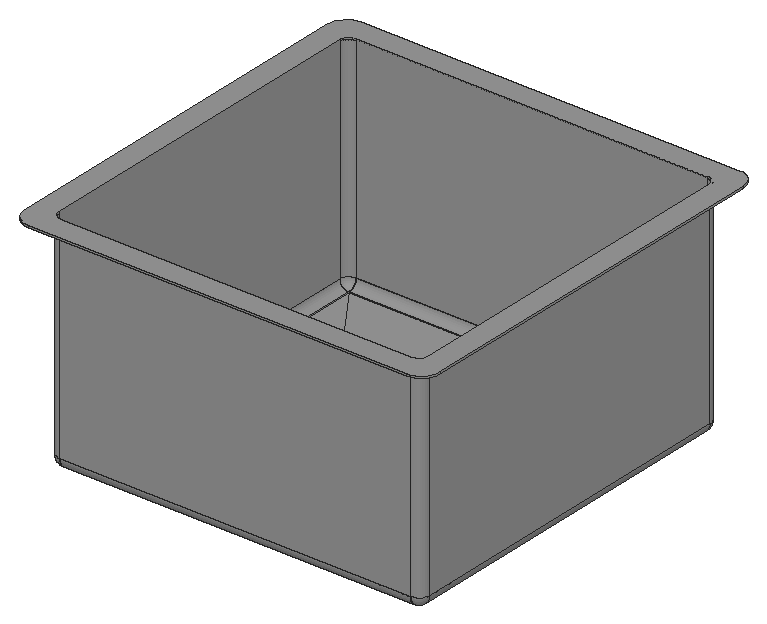
Revit family "BUILDMAT-SNA01002-Nala 450-Stainless-Steel", category Plumbing Fixtures, host Face, Revit 2020
Family settings
  Host = Face
  Round Connector Dimension = Use Diameter
  Part Type = Normal
  Cut with Voids When Loaded = No
  Shared = No
  Room Calculation Point = No
Parameters (values of type "Nala 450x450x250mm")
  Width = 400.0 mm
  Undermount [instance] = 0.0 mm
  URL = "https://www.buildmat.com.au/products/nala-450x450-single-bowl-sink"
  Side Sound Pad = no
  Side Brackets = yes
  Model = "SNA01002"  # constant formula
  Middle Sound Pad = yes
  Middle Bracket = no
  Manufacturer URL = "https://www.buildmat.com.au/"
  Manufacturer = "BUILDMAT"  # constant formula
  Length = 400.0 mm
  Description = "BUILDMAT - Nala 450x450 Single Bowl Sink"  # constant formula
  Depth = 250.0 mm
  Default Elevation = 1219.2 mm
  Created By URL = "https://www.buildmat.com.au/"
  Created By = "BUILDMAT"  # constant formula
  Created = "22.06.2022"  # constant formula
  Material = BUILDMAT Stainless Steel
Reference planes
  plane 1 "Center (Front/Back)": y = 0
  plane 2: z = 0
  plane 3 "Center (Left/Right)": x = 0
  plane 4 "Top Substrate": z = 0
  plane 5 "Left": x = -200
  plane 6 "Right": x = 200
  plane 7 "Back": y = 200
  plane 8 "Front": y = -200
  plane 9: x = -225
  plane 10: x = 225
  plane 11: y = -225
  plane 12: y = 225
  plane 13 "Bottom Void": z = -250
  plane 14: z = 1.5
  plane 15: x = -201.5
  plane 16: y = -201.5
  plane 17: x = 201.5
  plane 18: y = 201.5
  plane 19: z = -240
  plane 20: z = -230
  plane 21: x = -190
  plane 22: x = 190
  plane 23: y = -190
  plane 24: y = 190
  plane 25: z = -245
  plane 26: z = -241.5
  plane 27: z = -246.5
  plane 28: x = -100
  plane 29: x = 100
  plane 30 "Sound Pad": z = -130
  plane 31 "Front Bracket": y = -100
  plane 32 "Back Bracket": y = 100
  plane 33: x = -100
  plane 34: x = 100
  plane 35: x = -57
  plane 36: x = 57
  plane 37: x = -45
  plane 38: x = 45
Forms (mm)
  Extrusion 1, void
    sketch origin (0, 0, 0) x (1, 0, 0) y (0, 1, 0)
      loop
        arc (-190, 200) -> (-197.071, 197.071) -> (-200, 190) r 10
        line (-200, 190) -> (-200, -190)
        arc (-200, -190) -> (-197.071, -197.071) -> (-190, -200) r 10
        line (-190, -200) -> (190, -200)
        arc (190, -200) -> (197.071, -197.071) -> (200, -190) r 10
        line (200, -190) -> (200, 190)
        arc (200, 190) -> (197.071, 197.071) -> (190, 200) r 10
        line (190, 200) -> (-190, 200)
    from 0 to 1.5
  Extrusion 2, void
    sketch origin (0, 0, 0) x (1, 0, 0) y (0, 1, 0)
      loop
        line (-201.5, 201.5) -> (-201.5, -201.5) -> (201.5, -201.5) -> (201.5, 201.5) -> (-201.5, 201.5)
    from 0 to -250
  Extrusion 3, void
    sketch origin (0, 0, 0) x (1, 0, 0) y (0, 1, 0)
      loop
        arc (-205, 225) -> (-219.142, 219.142) -> (-225, 205) r 20
        line (-225, 205) -> (-225, -205)
        arc (-225, -205) -> (-219.142, -219.142) -> (-205, -225) r 20
        line (-205, -225) -> (205, -225)
        arc (205, -225) -> (219.142, -219.142) -> (225, -205) r 20
        line (225, -205) -> (225, 205)
        arc (225, 205) -> (219.142, 219.142) -> (205, 225) r 20
        line (205, 225) -> (-205, 225)
    from 1.5 to 0
  Extrusion 4, solid, material "BUILDMAT Stainless Steel" <- "Material"
    sketch origin (0, 0, 0) x (-1, 0, 0) y (0, -1, 0)
      loop
        arc (205, -225) -> (219.142, -219.142) -> (225, -205) r 20
        line (225, -205) -> (225, 205)
        arc (225, 205) -> (219.142, 219.142) -> (205, 225) r 20
        line (205, 225) -> (-205, 225)
        arc (-205, 225) -> (-219.142, 219.142) -> (-225, 205) r 20
        line (-225, 205) -> (-225, -205)
        arc (-225, -205) -> (-219.142, -219.142) -> (-205, -225) r 20
        line (-205, -225) -> (205, -225)
      loop
        arc (190, -200) -> (197.071, -197.071) -> (200, -190) r 10
        line (200, -190) -> (200, 190)
        arc (200, 190) -> (197.071, 197.071) -> (190, 200) r 10
        line (190, 200) -> (-190, 200)
        arc (-190, 200) -> (-197.071, 197.071) -> (-200, 190) r 10
        line (-200, 190) -> (-200, -190)
        arc (-200, -190) -> (-197.071, -197.071) -> (-190, -200) r 10
        line (-190, -200) -> (190, -200)
    from 0 to 1.5
  Extrusion 5, solid, material "BUILDMAT Stainless Steel" <- "Material"
    sketch origin (0, 0, 0) x (-1, 0, 0) y (0, -1, 0)
      loop
        arc (190, -201.5) -> (198.132, -198.132) -> (201.5, -190) r 11.5
        line (201.5, -190) -> (201.5, 190)
        arc (201.5, 190) -> (198.132, 198.132) -> (190, 201.5) r 11.5
        line (190, 201.5) -> (-190, 201.5)
        arc (-190, 201.5) -> (-198.132, 198.132) -> (-201.5, 190) r 11.5
        line (-201.5, 190) -> (-201.5, -190)
        arc (-201.5, -190) -> (-198.132, -198.132) -> (-190, -201.5) r 11.5
        line (-190, -201.5) -> (190, -201.5)
      loop
        arc (-190, 200) -> (-197.071, 197.071) -> (-200, 190) r 10
        line (-200, 190) -> (-200, -190)
        arc (-200, -190) -> (-197.071, -197.071) -> (-190, -200) r 10
        line (-190, -200) -> (190, -200)
        arc (190, -200) -> (197.071, -197.071) -> (200, -190) r 10
        line (200, -190) -> (200, 190)
        arc (200, 190) -> (197.071, 197.071) -> (190, 200) r 10
        line (190, 200) -> (-190, 200)
    from 0 to -230
  Revolve 6, solid, material "BUILDMAT Stainless Steel" <- "Material"
    sketch origin (-175.162, 190, 1219.2) x (-1, 0, 0) y (0, 0, 1)
      loop
        line (-375.162, -1449.2) -> (-376.662, -1449.2)
        arc (-376.662, -1449.2) -> (-373.293, -1457.332) -> (-365.162, -1460.7) r 11.5
        line (-365.162, -1460.7) -> (-365.162, -1459.2)
        arc (-365.162, -1459.2) -> (-372.233, -1456.271) -> (-375.162, -1449.2) r 10
      axis (-365.162, -1460.7) -> (-365.162, -1449.2)
    angle from 0 to -90
  Revolve 7, solid, material "BUILDMAT Stainless Steel" <- "Material"
    sketch origin (-175.162, 190, 1219.2) x (-1, 0, 0) y (0, 0, 1)
      loop
        arc (24.838, -1449.2) -> (21.909, -1456.271) -> (14.838, -1459.2) r 10
        line (14.838, -1459.2) -> (14.838, -1460.7)
        arc (14.838, -1460.7) -> (22.97, -1457.332) -> (26.338, -1449.2) r 11.5
        line (26.338, -1449.2) -> (24.838, -1449.2)
      axis (14.838, -1449.2) -> (14.838, -1460.7)
    angle from 0 to -90
  Revolve 8, solid, material "BUILDMAT Stainless Steel" <- "Material"
    sketch origin (-175.162, -190, 1219.2) x (-1, 0, 0) y (0, 0, 1)
      loop
        arc (24.838, -1449.2) -> (21.909, -1456.271) -> (14.838, -1459.2) r 10
        line (14.838, -1459.2) -> (14.838, -1460.7)
        arc (14.838, -1460.7) -> (22.97, -1457.332) -> (26.338, -1449.2) r 11.5
        line (26.338, -1449.2) -> (24.838, -1449.2)
      axis (14.838, -1449.2) -> (14.838, -1460.7)
    angle from 0 to 90
  Revolve 9, solid, material "BUILDMAT Stainless Steel" <- "Material"
    sketch origin (-175.162, -190, 1219.2) x (-1, 0, 0) y (0, 0, 1)
      loop
        line (-375.162, -1449.2) -> (-376.662, -1449.2)
        arc (-376.662, -1449.2) -> (-373.293, -1457.332) -> (-365.162, -1460.7) r 11.5
        line (-365.162, -1460.7) -> (-365.162, -1459.2)
        arc (-365.162, -1459.2) -> (-372.233, -1456.271) -> (-375.162, -1449.2) r 10
      axis (-365.162, -1449.2) -> (-365.162, -1460.7)
    angle from 0 to 90
  Extrusion 10, solid, material "BUILDMAT Stainless Steel" <- "Material"
    sketch origin (0, 0, 0) x (1, 0, 0) y (0, 0, 1)
      loop
        line (-200, -230) -> (-201.5, -230)
        arc (-201.5, -230) -> (-198.132, -238.132) -> (-190, -241.5) r 11.5
        line (-190, -241.5) -> (-190, -240)
        arc (-190, -240) -> (-197.071, -237.071) -> (-200, -230) r 10
    from -190 to 190
  Extrusion 11, solid, material "BUILDMAT Stainless Steel" <- "Material"
    sketch origin (0, 0, 0) x (1, 0, 0) y (0, 0, 1)
      loop
        arc (200, -230) -> (197.071, -237.071) -> (190, -240) r 10
        line (190, -240) -> (190, -241.5)
        arc (190, -241.5) -> (198.132, -238.132) -> (201.5, -230) r 11.5
        line (201.5, -230) -> (200, -230)
    from -190 to 190
  Extrusion 12, solid, material "BUILDMAT Stainless Steel" <- "Material"
    sketch origin (0, 0, 0) x (0, 1, 0) y (0, 0, 1)
      loop
        arc (200, -230) -> (197.071, -237.071) -> (190, -240) r 10
        line (190, -240) -> (190, -241.5)
        arc (190, -241.5) -> (198.132, -238.132) -> (201.5, -230) r 11.5
        line (201.5, -230) -> (200, -230)
    from -190 to 190
  Extrusion 13, solid, material "BUILDMAT Stainless Steel" <- "Material"
    sketch origin (0, 0, 0) x (0, 1, 0) y (0, 0, 1)
      loop
        line (-200, -230) -> (-201.5, -230)
        arc (-201.5, -230) -> (-198.132, -238.132) -> (-190, -241.5) r 11.5
        line (-190, -241.5) -> (-190, -240)
        arc (-190, -240) -> (-197.071, -237.071) -> (-200, -230) r 10
    from -190 to 190
  Revolve 14, solid, material "BUILDMAT Stainless Steel" <- "Material"
    sketch origin (0, 0, 0) x (1, 0, 0) y (0, 0, 1)
      loop
        line (-45, -250) -> (-45, -248.5)
        spline (-45, -248.5) -> (-46.484, -248.459) -> (-47.939, -248.339) -> (-49.337, -248.141) -> (-50.649, -247.871) -> (-51.848, -247.537) -> (-52.908, -247.151) -> (-53.805, -246.726) -> (-54.514, -246.283) -> (-55.023, -245.856) -> (-55.329, -245.483) -> (-55.468, -245.202) -> (-55.5, -245)
        line (-55.5, -245) -> (-57, -245)
        spline (-57, -245) -> (-56.897, -245.653) -> (-56.591, -246.294) -> (-56.087, -246.913) -> (-55.392, -247.5) -> (-54.52, -248.044) -> (-53.485, -248.536) -> (-52.305, -248.967) -> (-51, -249.33) -> (-49.592, -249.619) -> (-48.106, -249.83) -> (-46.566, -249.957) -> (-45, -250)
      axis (0, -245) -> (0, -250)
    angle from 0 to 360
  Blend 15, solid, material "BUILDMAT Stainless Steel" <- "Material"
    base sketch origin (0, 0, 0) x (-1, 0, 0) y (0, -1, 0)
      loop
        circle (0, 0) r 57
    top sketch origin (0, 0, 0) x (-1, 0, 0) y (0, -1, 0)
      loop
        line (190, -190) -> (190, 190) -> (-190, 190) -> (-190, -190) -> (190, -190)
    from -246.5 to -241.5
  Blend 16, void
    base sketch origin (0, 0, 0) x (-1, 0, 0) y (0, -1, 0)
      loop
        circle (0, 0) r 57
    top sketch origin (0, 0, 0) x (-1, 0, 0) y (0, -1, 0)
      loop
        line (190, -190) -> (190, 190) -> (-190, 190) -> (-190, -190) -> (190, -190)
    from -245 to -240
  Extrusion 17, solid, material "BUILDMAT Stainless Steel" <- "Material"
    sketch origin (0, 0, 0) x (-1, 0, 0) y (0, -1, 0)
      loop
        line (190, -190) -> (190, 190) -> (-190, 190) -> (-190, -190) -> (190, -190)
    from -241.5 to -240
  Extrusion 18, void
    sketch origin (0, 0, 0) x (-1, 0, 0) y (0, -1, 0)
      loop
        circle (0, 0) r 57
    from -250 to -230
Cuts and joins
  joined: Extrusion 4, Extrusion 5
  joined: Revolve 6, Revolve 9
  joined: Revolve 7, Revolve 8
  Blend 16, Extrusion 18 cuts Blend 15
  Blend 16, Extrusion 18 cuts Extrusion 17
  joined: Blend 15, Extrusion 17
Lines and regions (mm)
  Masking region 1
    outline origin (0, 0, 0) x (1, 0, 0) y (0, 0, 1)
      loop
        line (200, 0) -> (-200, 0) -> (-200, -230)
        arc (-200, -230) -> (-197.071, -237.071) -> (-190, -240) r 10
        line (-190, -240) -> (-57, -245) -> (57, -245) -> (190, -240)
        arc (190, -240) -> (197.071, -237.071) -> (200, -230) r 10
        line (200, -230) -> (200, 0)
  Masking region 2
    outline origin (0, 0, 0) x (1, 0, 0) y (0, 0, 1)
      loop
        line (-100, -244.883) -> (-100, -250) -> (-57, -250) -> (-57, -246.5) -> (-100, -244.883)
  Masking region 3
    outline origin (0, 0, 0) x (1, 0, 0) y (0, 0, 1)
      loop
        line (57, -246.5) -> (57, -250) -> (100, -250) -> (100, -244.883) -> (57, -246.5)
Text (mm)
  text "Refer to www.buildmat.com.au for the most current product literature. \nAllow a +/- 5mm tolerance for dimensions shown in the product literature. \nPlease note product details are subject to change due to ongoing product development." at (0.056, -1035.857, 0), in view "Ref. Level"
Dimensions and locks
  "Undermount": plane 2 to plane 4 "Top Substrate"
  equal spacing: plane 5 "Left", plane 3 "Center (Left/Right)", plane 6 "Right"
  "Width": plane 5 "Left" to plane 6 "Right"
  "Length": plane 7 "Back" to plane 8 "Front"
  equal spacing: plane 7 "Back", plane 1 "Center (Front/Back)", plane 8 "Front"
  locked: plane 12 to plane 7 "Back" at 25
  locked: plane 8 "Front" to plane 11 at 25
  locked: plane 9 to plane 5 "Left" at 25
  locked: plane 6 "Right" to plane 10 at 25
  "Depth": plane 4 "Top Substrate" to plane 13 "Bottom Void"
  locked: plane 14 to plane 4 "Top Substrate" at 1.5
  locked: plane 18 to plane 7 "Back" at 1.5
  locked: plane 8 "Front" to plane 16 at 1.5
  plane 15 to plane 5 "Left" = 1.5 mm
  plane 6 "Right" to plane 17 = 1.5 mm
  plane 20 to plane 19 to plane 13 "Bottom Void" = 10.0 mm, 10.0 mm
  locked: plane 5 "Left" to plane 21 at 10
  locked: plane 22 to plane 6 "Right" at 10
  locked: plane 7 "Back" to plane 24 at 10
  locked: plane 23 to plane 8 "Front" at 10
  locked: plane 19 to plane 26 at 1.5
  locked: plane 25 to plane 13 "Bottom Void" at 5
  locked: plane 25 to plane 27 at 1.5
  plane 29 to plane 3 "Center (Left/Right)" to plane 28 = 100.0 mm locked, 100.0 mm locked
  locked: plane 30 "Sound Pad" to plane 13 "Bottom Void" at 120
  locked: plane 7 "Back" to plane 32 "Back Bracket" at 100
  locked: plane 31 "Front Bracket" to plane 8 "Front" at 100
  locked: plane 33 to plane 5 "Left" at 100
  locked: plane 6 "Right" to plane 34 at 100
  equal spacing: plane 3 "Center (Left/Right)", nested 15, plane 33
  equal spacing: plane 34, nested 16, plane 3 "Center (Left/Right)"
  plane 37 to plane 3 "Center (Left/Right)" to plane 38 = 45.0 mm locked, 45.0 mm locked
  plane 35 to plane 3 "Center (Left/Right)" to plane 36 = 57.0 mm locked, 57.0 mm locked
  aligned and locked: plane 2 to host face
  aligned and locked: level to host face
  aligned and locked: plane 8 "Front" to Extrusion 1 sketch curve
  aligned and locked: Extrusion 1 sketch curve to plane 7 "Back"
  aligned and locked: plane 5 "Left" to Extrusion 1 sketch curve
  aligned and locked: Extrusion 1 sketch curve to plane 6 "Right"
  aligned and locked: plane 2 to Extrusion 1
  aligned and locked: Extrusion 1 to plane 14
  aligned and locked: Extrusion 2 sketch curve to plane 16
  aligned and locked: Extrusion 2 sketch curve to plane 18
  aligned and locked: plane 15 to Extrusion 2 sketch curve
  aligned and locked: plane 17 to Extrusion 2 sketch curve
  aligned and locked: Extrusion 2 to plane 13 "Bottom Void"
  aligned and locked: plane 4 "Top Substrate" to Extrusion 2
  aligned and locked: plane 11 to Extrusion 3 sketch curve
  aligned and locked: plane 9 to Extrusion 3 sketch curve
  aligned and locked: Extrusion 3 sketch curve to plane 10
  aligned and locked: Extrusion 3 sketch curve to plane 12
  aligned and locked: Extrusion 3 to plane 4 "Top Substrate"
  aligned and locked: Extrusion 3 to plane 14
  aligned and locked: plane 11 to Extrusion 4 sketch curve
  aligned and locked: Extrusion 4 sketch curve to plane 12
  aligned and locked: plane 9 to Extrusion 4 sketch curve
  aligned and locked: Extrusion 4 sketch curve to plane 10
  aligned and locked: plane 5 "Left" to Extrusion 4 sketch curve
  aligned and locked: Extrusion 4 sketch curve to plane 6 "Right"
  aligned and locked: Extrusion 4 sketch curve to plane 7 "Back"
  aligned and locked: plane 8 "Front" to Extrusion 4 sketch curve
  aligned and locked: Extrusion 5 sketch curve to plane 7 "Back"
  aligned and locked: plane 5 "Left" to Extrusion 5 sketch curve
  aligned and locked: Extrusion 5 sketch curve to plane 6 "Right"
  aligned and locked: plane 8 "Front" to Extrusion 5 sketch curve
  aligned and locked: plane 15 to Extrusion 5 sketch curve
  aligned and locked: Extrusion 5 sketch curve to plane 16
  aligned and locked: plane 17 to Extrusion 5 sketch curve
  aligned and locked: Extrusion 5 sketch curve to plane 18
  aligned and locked: Extrusion 5 to plane 20
  aligned and locked: plane 4 "Top Substrate" to Extrusion 5
  aligned and locked: Extrusion 11 to plane 23
  aligned and locked: plane 24 to Extrusion 11
  aligned and locked: plane 24 to Extrusion 10
  aligned and locked: Extrusion 10 to plane 23
  aligned and locked: Extrusion 13 to plane 21
  aligned and locked: plane 22 to Extrusion 13
  aligned and locked: plane 22 to Extrusion 12
  aligned and locked: Extrusion 12 to plane 21
  aligned and locked: plane 21 to Blend 15 sketch curve
  aligned and locked: Blend 15 sketch curve to plane 22
  aligned and locked: Blend 15 sketch curve to plane 23
  aligned and locked: Blend 15 sketch curve to plane 24
  aligned and locked: plane 27 to Blend 15
  aligned and locked: Blend 15 to plane 26
  aligned and locked: Blend 16 sketch curve to plane 24
  aligned and locked: plane 21 to Blend 16 sketch curve
  aligned and locked: Blend 16 sketch curve to plane 22
  aligned and locked: Blend 16 sketch curve to plane 23
  aligned and locked: Blend 16 to plane 25
  aligned and locked: plane 19 to Blend 16
  aligned and locked: Extrusion 17 sketch curve to plane 24
  aligned and locked: Extrusion 17 sketch curve to plane 23
  aligned and locked: plane 21 to Extrusion 17 sketch curve
  aligned and locked: Extrusion 17 sketch curve to plane 22
  aligned and locked: Extrusion 17 to plane 26
  aligned and locked: plane 19 to Extrusion 17
  aligned and locked: Extrusion 18 to plane 13 "Bottom Void"
  aligned and locked: plane 20 to Extrusion 18
  aligned and locked: cut or joined group of Blend 15, Blend 16, Extrusion 17, Extrusion 18 to Masking region 2 sketch curve
  aligned and locked: Masking region 3 sketch curve to cut or joined group of Blend 15, Blend 16, Extrusion 17, Extrusion 18
  aligned and locked: plane 3 "Center (Left/Right)" to nested 1
  aligned and locked: nested 1 to plane 4 "Top Substrate"
  aligned and locked: plane 3 "Center (Left/Right)" to nested 2
  aligned and locked: nested 2 to plane 30 "Sound Pad"
  aligned and locked: nested 3 to plane 18
  aligned and locked: plane 3 "Center (Left/Right)" to nested 3
  aligned and locked: plane 16 to nested 4
  aligned and locked: nested 4 to plane 3 "Center (Left/Right)"
  aligned and locked: plane 31 "Front Bracket" to nested 6
  aligned and locked: plane 15 to nested 6
  aligned and locked: plane 31 "Front Bracket" to nested 8
  aligned and locked: plane 17 to nested 8
  aligned and locked: plane 32 "Back Bracket" to nested 7
  aligned and locked: plane 17 to nested 7
  aligned and locked: plane 32 "Back Bracket" to nested 5
  aligned and locked: plane 15 to nested 5
  aligned and locked: nested 9 to plane 4 "Top Substrate"
  aligned and locked: nested 9 to plane 33
  aligned and locked: nested 10 to plane 4 "Top Substrate"
  aligned and locked: nested 10 to plane 34
  aligned and locked: nested 13 to plane 33
  aligned and locked: nested 14 to plane 34
  aligned and locked: plane 16 to nested 13
  aligned and locked: plane 16 to nested 14
  aligned and locked: plane 33 to nested 11
  aligned and locked: nested 11 to plane 18
  aligned and locked: plane 34 to nested 12
  aligned and locked: nested 12 to plane 18
  aligned and locked: nested 15 to plane 30 "Sound Pad"
  aligned and locked: nested 16 to plane 30 "Sound Pad"
  aligned and locked: nested 17 to plane 23
  aligned and locked: nested 17 to plane 24
  aligned and locked: plane 22 to nested 17
  aligned and locked: plane 21 to nested 17
  aligned and locked: plane 3 "Center (Left/Right)" to nested 18
  aligned and locked: plane 1 "Center (Front/Back)" to nested 18
  aligned and locked: plane 4 "Top Substrate" to Masking region 1
Automatic sketch dimensions
  host sketch curve to host sketch curve = 2438.4 mm  (x2)
  plane 5 "Left" to Extrusion 1 sketch curve = 10.0 mm  (x2)
  Extrusion 1 sketch curve to plane 6 "Right" = 10.0 mm  (x2)
  Extrusion 4 sketch curve to plane 10 = 20.0 mm  (x2)
  Extrusion 4 sketch curve to Extrusion 4 sketch curve = 10.0 mm  (x2)
  plane 5 "Left" to Extrusion 4 sketch curve = 10.0 mm
  plane 9 to Extrusion 4 sketch curve = 20.0 mm
  plane 8 "Front" to Extrusion 4 sketch curve = 10.0 mm
  plane 11 to Extrusion 4 sketch curve = 20.0 mm
  Extrusion 3 sketch curve to plane 5 "Left" = 5.0 mm
  plane 6 "Right" to Extrusion 3 sketch curve = 5.0 mm  (x2)
  plane 7 "Back" to Extrusion 3 sketch curve = 5.0 mm
  plane 5 "Left" to Extrusion 5 sketch curve = 10.0 mm
  Extrusion 5 sketch curve to plane 6 "Right" = 10.0 mm
  plane 8 "Front" to Extrusion 5 sketch curve = 10.0 mm
  Extrusion 5 sketch curve to plane 7 "Back" = 10.0 mm
  Extrusion 5 sketch curve to Extrusion 5 sketch curve = 0.0 mm  (x4)
  Revolve 6 sketch curve to Revolve 6 sketch curve = 0.0 mm  (x3)
  plane 17 to Revolve 6 sketch curve = 0.0 mm
  Revolve 6 sketch curve to plane 6 "Right" = 0.0 mm
  Revolve 6 sketch curve to plane 22 = 0.0 mm  (x2)
  Revolve 6 sketch curve to plane 19 = 0.0 mm
  Revolve 6 sketch curve to plane 20 = 0.0 mm
  Revolve 7 sketch curve to Revolve 7 sketch curve = 0.0 mm  (x3)
  Revolve 7 sketch curve to plane 20 = 0.0 mm  (x2)
  Revolve 7 sketch curve to plane 21 = 0.0 mm  (x2)
  Revolve 7 sketch curve to plane 5 "Left" = 0.0 mm
  Revolve 7 sketch curve to plane 15 = 0.0 mm
  Revolve 8 sketch curve to Revolve 8 sketch curve = 0.0 mm  (x3)
  Revolve 8 sketch curve to plane 20 = 0.0 mm  (x2)
  Revolve 8 sketch curve to plane 21 = 0.0 mm  (x2)
  Revolve 8 sketch curve to plane 5 "Left" = 0.0 mm
  Revolve 8 sketch curve to plane 15 = 0.0 mm
  Revolve 9 sketch curve to Revolve 9 sketch curve = 0.0 mm  (x3)
  plane 17 to Revolve 9 sketch curve = 0.0 mm
  Revolve 9 sketch curve to plane 6 "Right" = 0.0 mm
  Revolve 9 sketch curve to plane 22 = 0.0 mm  (x2)
  Revolve 9 sketch curve to plane 20 = 0.0 mm
  Revolve 9 sketch curve to plane 19 = 0.0 mm
  Extrusion 10 sketch curve to plane 15 = 0.0 mm
  Extrusion 10 sketch curve to plane 5 "Left" = 0.0 mm
  Extrusion 10 sketch curve to plane 19 = 0.0 mm
  Extrusion 10 sketch curve to plane 21 = 0.0 mm
  Extrusion 11 sketch curve to plane 20 = 0.0 mm
  Extrusion 11 sketch curve to plane 22 = 0.0 mm
  Extrusion 11 sketch curve to plane 6 "Right" = 0.0 mm
  plane 17 to Extrusion 11 sketch curve = 0.0 mm
  Extrusion 12 sketch curve to plane 20 = 0.0 mm
  Extrusion 12 sketch curve to plane 24 = 0.0 mm
  Extrusion 12 sketch curve to plane 7 "Back" = 0.0 mm
  Extrusion 12 sketch curve to plane 18 = 0.0 mm
  Extrusion 13 sketch curve to plane 16 = 0.0 mm
  Extrusion 13 sketch curve to plane 8 "Front" = 0.0 mm
  Extrusion 13 sketch curve to plane 23 = 0.0 mm
  Extrusion 13 sketch curve to plane 19 = 0.0 mm
  Revolve 14 sketch curve to plane 25 = 0.0 mm
  Revolve 14 sketch curve to plane 13 "Bottom Void" = 0.0 mm  (x2)
  Revolve 14 sketch curve to plane 3 "Center (Left/Right)" = 0.0 mm
  Revolve 14 sketch curve to plane 20 = 0.0 mm
  Revolve 14 sketch curve to plane 3 "Center (Left/Right)" = 45.0 mm
  Revolve 14 sketch curve to Revolve 14 sketch curve = 10.5 mm
  Revolve 14 sketch curve to Revolve 14 sketch curve = 1.5 mm  (x2)
  Revolve 14 sketch curve to Revolve 14 sketch curve = 0.0 mm
  plane 1 "Center (Front/Back)" to Blend 15 sketch curve = 0.0 mm
  Blend 15 sketch curve to plane 3 "Center (Left/Right)" = 0.0 mm
  plane 1 "Center (Front/Back)" to Blend 16 sketch curve = 0.0 mm
  Blend 16 sketch curve to plane 3 "Center (Left/Right)" = 0.0 mm
  plane 1 "Center (Front/Back)" to Extrusion 18 sketch curve = 0.0 mm
  Extrusion 18 sketch curve to plane 3 "Center (Left/Right)" = 0.0 mm
  Masking region 1 sketch curve to level = 0.0 mm
  Masking region 1 sketch curve to plane 20 = 0.0 mm
  Masking region 1 sketch curve to plane 21 = 0.0 mm
  Masking region 1 sketch curve to plane 25 = 0.0 mm
  Masking region 1 sketch curve to plane 3 "Center (Left/Right)" = 57.0 mm
  plane 3 "Center (Left/Right)" to Masking region 1 sketch curve = 57.0 mm
  Masking region 1 sketch curve to plane 19 = 0.0 mm
  Masking region 1 sketch curve to plane 22 = 0.0 mm
  Masking region 1 sketch curve to plane 6 "Right" = 0.0 mm
  Masking region 1 sketch curve to plane 5 "Left" = 0.0 mm
  Masking region 2 sketch curve to plane 28 = 0.0 mm
  Masking region 2 sketch curve to plane 13 "Bottom Void" = 0.0 mm
  Masking region 2 sketch curve to plane 27 = 0.0 mm
  Masking region 3 sketch curve to plane 27 = 0.0 mm
  Masking region 3 sketch curve to plane 13 "Bottom Void" = 0.0 mm
  Masking region 3 sketch curve to plane 29 = 0.0 mm
  radius of Blend 15 sketch curve = 57.0 mm
  radius of Blend 16 sketch curve = 57.0 mm
  radius of Extrusion 18 sketch curve = 57.0 mm
Nested families
  nested 1: "TMB_Front" at (0, 0, 0) x (1, 0, 0) z (0, -1, 0), visible <- "Middle Bracket", type "TMB_Front"
  nested 2: "SP_Front" at (0, 0, -130) x (1, 0, 0) z (0, -1, 0), visible <- "Middle Sound Pad", type "SP_Front"
  nested 3: "TMB_Plan" at (0, 201.5, 0), visible <- "Middle Bracket", type "TMB_Plan"
  nested 4: "TMB_Plan" at (0, -201.5, 0) x (-1, 0, 0) z (0, 0, 1), visible <- "Middle Bracket", type "TMB_Plan"
  nested 5: "TMB_Plan" at (-201.5, 100, 0) x (0, 1, 0) z (0, 0, 1), type "TMB_Plan"
  nested 6: "TMB_Plan" at (-201.5, -100, 0) x (0, 1, 0) z (0, 0, 1), type "TMB_Plan"
  nested 7: "TMB_Plan" at (201.5, 100, 0) x (0, -1, 0) z (0, 0, 1), type "TMB_Plan"
  nested 8: "TMB_Plan" at (201.5, -100, 0) x (0, -1, 0) z (0, 0, 1), type "TMB_Plan"
  nested 9: "TMB_Front" at (-100, 0, 0) x (1, 0, 0) z (0, -1, 0), visible <- "Side Brackets", type "TMB_Front"
  nested 10: "TMB_Front" at (100, 0, 0) x (1, 0, 0) z (0, -1, 0), visible <- "Side Brackets", type "TMB_Front"
  nested 11: "TMB_Plan" at (-100, 201.5, 0), visible <- "Side Brackets", type "TMB_Plan"
  nested 12: "TMB_Plan" at (100, 201.5, 0), visible <- "Side Brackets", type "TMB_Plan"
  nested 13: "TMB_Plan" at (-100, -201.5, 0) x (-1, 0, 0) z (0, 0, 1), visible <- "Side Brackets", type "TMB_Plan"
  nested 14: "TMB_Plan" at (100, -201.5, 0) x (-1, 0, 0) z (0, 0, 1), visible <- "Side Brackets", type "TMB_Plan"
  nested 15: "SP_Front" at (-50, 0, -130) x (1, 0, 0) z (0, -1, 0), visible <- "Side Sound Pad", type "SP_Front"
  nested 16: "SP_Front" at (50, 0, -130) x (1, 0, 0) z (0, -1, 0), visible <- "Side Sound Pad", type "SP_Front"
  nested 17: "BOWL Plan" at (0, 0, -130), type "BOWL Plan"
    with Width 380.0 mm, Lenght 380.0 mm
  nested 18: "DRAIN" at (0, 0, 0), type "DRAIN"
Definition of nested family "TMB_Front"
  Reference planes
    plane 1 "Center (Elevation)": y = 0
    plane 2: z = 0
    plane 3 "Center (Left/Right)": x = 0
  Lines and regions (mm)
    Masking region 1, in view "Ref. Level"
      outline origin (0, 0, 0) x (1, 0, 0) y (0, 1, 0)
        loop
          line (-17.5, 0) -> (-17.5, -80) -> (17.5, -80) -> (17.5, 0) -> (-17.5, 0)
    detail lines, in view "Ref. Level"
      curve 1: line (-17.5, 0, 0) -> (-17.5, -80, 0)
      curve 2: line (-17.5, -80, 0) -> (17.5, -80, 0)
      curve 3: line (17.5, -80, 0) -> (17.5, 0, 0)
      curve 4: line (-12.5, -50, 0) -> (12.5, -50, 0)
      curve 5: line (-12.5, -75, 0) -> (-12.5, -50, 0)
      curve 6: line (12.5, -75, 0) -> (-12.5, -75, 0)
      curve 7: line (12.5, -50, 0) -> (12.5, -75, 0)
Definition of nested family "SP_Front"
  Reference planes
    plane 1 "Center (Elevation)": y = 0
    plane 2: z = 0
    plane 3 "Center (Left/Right)": x = 0
  Lines and regions (mm)
    Masking region 1, in view "Ref. Level"
      outline origin (0, 0, 0) x (1, 0, 0) y (0, 1, 0)
        loop
          arc (-50, 40) -> (-57.071, 37.071) -> (-60, 30) r 10
          line (-60, 30) -> (-60, -30)
          arc (-60, -30) -> (-57.071, -37.071) -> (-50, -40) r 10
          line (-50, -40) -> (50, -40)
          arc (50, -40) -> (57.071, -37.071) -> (60, -30) r 10
          line (60, -30) -> (60, 30)
          arc (60, 30) -> (57.071, 37.071) -> (50, 40) r 10
          line (50, 40) -> (-50, 40)
    detail lines, in view "Ref. Level"
      curve 1: line (-50, 40, 0) -> (50, 40, 0)
      curve 2: line (50, -40, 0) -> (-50, -40, 0)
      curve 3: line (60, 30, 0) -> (60, -30, 0)
      curve 4: line (-60, 30, 0) -> (-60, -30, 0)
      curve 5: arc (-50, 40, 0) -> (-57.071, 37.071, 0) -> (-60, 30, 0) r 10
      curve 6: arc (-60, -30, 0) -> (-57.071, -37.071, 0) -> (-50, -40, 0) r 10
      curve 7: arc (50, -40, 0) -> (57.071, -37.071, 0) -> (60, -30, 0) r 10
      curve 8: arc (60, 30, 0) -> (57.071, 37.071, 0) -> (50, 40, 0) r 10
  Dimensions and locks
    aligned and locked: Masking region 1 sketch curve to curve 1
    aligned and locked: Masking region 1 sketch curve to curve 4
    aligned and locked: Masking region 1 sketch curve to curve 2
    aligned and locked: Masking region 1 sketch curve to curve 3
Definition of nested family "TMB_Plan"
  Reference planes
    plane 1 "Center (Front/Back)": y = 0
    plane 2: z = 0
    plane 3 "Center (Left/Right)": x = 0
  Lines and regions (mm)
    detail lines, in view "Ref. Level"
      curve 1: line (-17.5, 0, 0) -> (17.5, 0, 0)
      curve 2: line (17.5, 0, 0) -> (17.5, 5, 0)
      curve 3: line (17.5, 5, 0) -> (12.5, 5, 0)
      curve 4: line (-17.5, 0, 0) -> (-17.5, 5, 0)
      curve 5: line (-17.5, 5, 0) -> (-12.5, 5, 0)
Definition of nested family "BOWL Plan"
  Parameters (values of type "BOWL Plan")
    Width [instance] = 600.0 mm
    Lenght [instance] = 400.0 mm
  Reference planes
    plane 1 "Center (Front/Back)": y = 0
    plane 2: z = 0
    plane 3 "Center (Left/Right)": x = 0
    plane 4 "Left": x = -300
    plane 5 "Right": x = 300
    plane 6 "Back": y = 200
    plane 7 "Front": y = -200
  Lines and regions (mm)
    Masking region 1, in view "Ref. Level"
      outline origin (0, 0, 0) x (1, 0, 0) y (0, 1, 0)
        loop
          line (-300, 200) -> (-300, -200) -> (300, -200) -> (300, 200) -> (-300, 200)
    detail lines, in view "Ref. Level"
      curve 1: line (-300, 200, 0) -> (300, -200, 0)
      curve 2: line (-300, -200, 0) -> (300, 200, 0)
  Dimensions and locks
    equal spacing: plane 6 "Back", plane 1 "Center (Front/Back)", plane 7 "Front"
    "Lenght": plane 6 "Back" to plane 7 "Front"
    equal spacing: plane 4 "Left", plane 3 "Center (Left/Right)", plane 5 "Right"
    "Width": plane 4 "Left" to plane 5 "Right"
    aligned and locked: plane 4 "Left" to Masking region 1 sketch curve
    aligned and locked: Masking region 1 sketch curve to plane 5 "Right"
    aligned and locked: plane 7 "Front" to Masking region 1 sketch curve
    aligned and locked: Masking region 1 sketch curve to plane 6 "Back"
  Automatic sketch dimensions
    curve 2 to plane 4 "Left" = 0.0 mm
    curve 1 to plane 4 "Left" = 0.0 mm
    curve 2 to plane 5 "Right" = 0.0 mm
    curve 1 to plane 5 "Right" = 0.0 mm
    curve 1 to plane 7 "Front" = 0.0 mm
    curve 2 to plane 7 "Front" = 0.0 mm
    curve 2 to plane 6 "Back" = 0.0 mm
    curve 1 to plane 6 "Back" = 0.0 mm
Definition of nested family "DRAIN"
  Reference planes
    plane 1 "Center (Front/Back)": y = 0
    plane 2: z = 0
    plane 3 "Center (Left/Right)": x = 0
  Lines and regions (mm)
    Masking region 1, in view "Ref. Level"
      outline origin (0, 0, 0) x (1, 0, 0) y (0, 1, 0)
        loop
          circle (0, 0) r 57
    detail lines, in view "Ref. Level"
      curve 1: circle (0, 0, 0) r 45 normal (0, 0, 1)
      curve 2: circle (0, 0, 0) r 55.5 normal (0, 0, 1)
